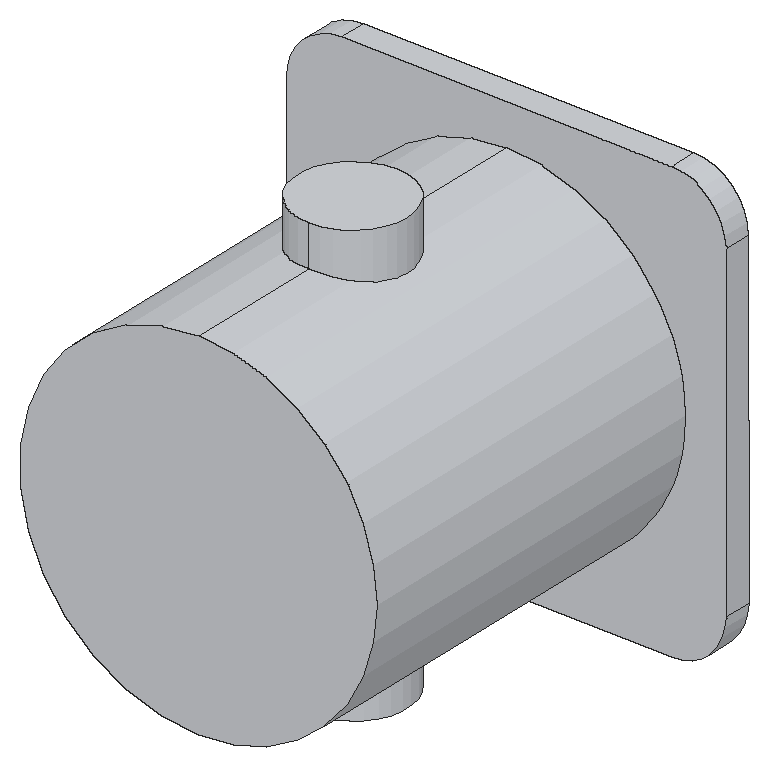
Revit family "EI_E_Anschluss_V1700", category Elektroinstallationen, Revit 2017
Family settings
  Beschriftungsausrichtung beibehalten = Nein
  Bemaßung runder Anschluss = Durchmesser verwenden
  Teiletyp = Normal
  OmniClass-Nummer = 23.80.50.14
  OmniClass-Titel = Plug Connectors
  Arbeitsebenenbasiert = Nein
  Immer vertikal = Ja
  Beim Laden mit Abzugskörper schneiden = Ja
  Gemeinsam genutzt = Nein
  Raumberechnungspunkt = Nein
Parameters (values of type "Geraeteanschluss_400V_INSTA")
  pbr_Material_KZ = ""
  pbr_Material = none
  pbr_E_Typ = ""
  pbr_E_KZ = ""
  pbr_DINBild = 0
  pbr_Bild = 0
  pbr_3Dx_Delta_Korrekturversatz [instance] = 0 mm
  pbr_3DX_Versatzfaktor [instance] = 0
  pbr_2DY_Versatzfaktor [instance] = 0
  pbr_2DX_Versatzfaktor [instance] = 0
  cpiFitMatchKey [instance] = "E-EA A400V"
  Zentrale [instance] = ""
  Wirkleistung [instance] = 0 W
  Winkel [instance] = 90.00°
  Typ [instance] = ""
  Text3 [instance] = ""
  Text2 [instance] = ""
  Text1 [instance] = ""
  Steckdosen mit Abdeckung für Reinigungszapfstelle = no
  Spannung [instance] = 0
  Scheinleistung [instance] = 0 VA
  Schaltgruppe2 [instance] = 0
  Schaltgruppe1 [instance] = 0
  Polig [instance] = 1
  Planungsbüro Rohling = "www.pbr.de"
  Nennstrom [instance] = 0
  Menge(Dosenzahl) [instance] = 0
  Linie/Anschluss [instance] = ""
  Leistungsfaktor [instance] = 0
  Lastklassifizierung = none
  Installationsart [instance] = ""
  Info [instance] = ""
  Gleichzeitigkeitsfaktor3 [instance] = 0
  Gleichzeitigkeitsfaktor2 [instance] = 0
  Gleichzeitigkeitsfaktor1 [instance] = 0
  Gewerk [instance] = "Steck"
  E-400 INSTA = yes
  E-230V Insta = no
  E 230V KAS = no
  Eckversatz [instance] = 0 mm
  YFrontversatz [instance] = if(pbr_2DY_Versatzfaktor = 300, 0 mm, pbr_2DY_Versatzfaktor * 300 mm)  # 0 mm
  XSeitenversatz [instance] = if(pbr_2DX_Versatzfaktor = 0, 3000 mm, 3000 mm + (pbr_2DX_Versatzfaktor * 300 mm)) + Eckversatz  # 3000 mm
  X3Dversatz [instance] = if([3DX_Versatzkontrolle] = 0, 2000 mm, 2000 mm + ([3DX_Versatzkontrolle] * (300 mm - 80 mm))) + pbr_3Dx_Delta_Korrekturversatz  # 2000 mm
  Steckdosenradius = 20 mm
  R_Leerrohranschluss = 10 mm
  Niveau [instance] = 300 mm
  Dosentiefe = 70 mm  # constant formula
  Dosenradius = 65 mm / 2  # 32.5 mm
  D_Leerrohranschluss = 2 * R_Leerrohranschluss  # 20 mm
  Breite [instance] = 80 mm
  Anlaufstrom [instance] = 0
  3DX_Versatzkontrolle [instance] = if(pbr_3DX_Versatzfaktor = 0, (pbr_2DX_Versatzfaktor * -1), (((-1 * pbr_3DX_Versatzfaktor) + pbr_2DX_Versatzfaktor) * -1))  # 0
  Platzierrahmen [instance] = no
Types (5, lengths in mm): name | cpiFitMatchKey | Winkel | Steckdosen mit Abdeckung für Reinigungszapfstelle | Gewerk | E-400 INSTA | E-230V Insta | E 230V KAS
  Geraeteanschluss_400V_INSTA | "E-EA A400V" | 90.00° | no | "Steck" | yes | no | no
  Geraeteanschluss_230V_INSTA | "E_EA A230V" | 90.00° | no | "Steck" | no | yes | no
  Geraeteanschluss_230_KAS | "E_EA A230V" | 90.00° | no | "KAS" | no | no | yes
  Geraeteanschluss_230_VMT | "E_EA A230V" | 90.00° | no | "VMT" | no | no | yes
  ES_Steckdose_ Reinigung | "E_EA A230V" | 0.00° | yes | "Steck" | no | no | no
Reference planes
  plane 1 "Mitte (Vorne/Hinten)": y = 0
  plane 2: z = 0
  plane 3 "Mitte (Links/Rechts)": x = 0
  plane 4: x = -125
  plane 5: x = 125
  plane 6: y = 300
  plane 7 "Schalterhinten": y = 0
  plane 8: x = -3000
  plane 9: x = 0
  plane 10: x = -40
  plane 11: x = 40
  plane 12: z = 340
  plane 13: z = 260
  plane 14 "SchalterVorne": y = 5
  plane 15 "3DSchalterMitte": x = 0
  plane 16: z = 300
  plane 17: y = -70
  plane 18: y = -35
  plane 19 "Mitte 2D Symbol": y = 150
Forms (mm)
  Extrusion 1, solid
    sketch origin (0, 20, 0) x (0, 0, 1) y (-1, 0, 0)
      loop
        line (260, 30) -> (260, -30)
        arc (260, -30) -> (262.929, -37.071) -> (270, -40) r 10
        line (270, -40) -> (330, -40)
        arc (330, -40) -> (337.071, -37.071) -> (340, -30) r 10
        line (340, -30) -> (340, 30)
        arc (340, 30) -> (337.071, 37.071) -> (330, 40) r 10
        line (330, 40) -> (270, 40)
        arc (270, 40) -> (262.929, 37.071) -> (260, 30) r 10
    from 15 to 20
  Sweep 2, solid
    path origin (0, 0, 0) x (0, 0, 1) y (0, -1, 0)
      loop
        line (300, 0) -> (300, 70)
    profile origin (0, -35, 300) x (0, 0, -1) y (1, 0, 0)
      loop
        circle (0, 0) r 32.5
  Sweep 3, solid
    path origin (0, 0, 0) x (0, 0, 1) y (0, -1, 0)
      loop
        line (260, 35) -> (340, 35)
    profile origin (0, -35, 300) x (0, -1, 0) y (1, 0, 0)
      loop
        circle (0, 0) r 10
  Sweep 4, void
    path origin (0, 0, 0) x (1, 0, 0) y (0, 1, 0)
      loop
        line (0, 0) -> (0, 5)
    profile origin (0, 2.5, 0) x (-1, 0, 0) y (0, 0, 1)
      loop
        circle (0, 300) r 20
Cuts and joins
  Sweep 4 cuts Extrusion 1
  joined: Extrusion 1, Sweep 2, Sweep 3
Lines and regions (mm)
  model lines, visible <- "Platzierrahmen"
    curve 1: line (-125, 0, 0) -> (125, 0, 0)
    curve 2: line (-125, 300, 0) -> (-125, 0, 0)
    curve 3: line (125, 300, 0) -> (-125, 300, 0)
    curve 4: line (125, 0, 0) -> (125, 300, 0)
Dimensions and locks
  plane 4 to plane 5 = 250 mm
  plane 6 to plane 7 "Schalterhinten" = 300 mm
  equal spacing: plane 4, plane 9, plane 5, locked at 125 each
  "XSeitenversatz": plane 8 to plane 9
  plane 8 to plane 3 "Mitte (Links/Rechts)" = 3000 mm
  "YFrontversatz": plane 1 "Mitte (Vorne/Hinten)" to plane 7 "Schalterhinten"
  plane 11 to plane 10 = 80 mm
  plane 12 to plane 13 = 80 mm
  equal spacing: plane 11, plane 15 "3DSchalterMitte", plane 10
  equal spacing: plane 12, plane 16, plane 13
  "Niveau": plane 16 to level
  "Dosentiefe": plane 1 "Mitte (Vorne/Hinten)" to plane 17
  plane 14 "SchalterVorne" to plane 1 "Mitte (Vorne/Hinten)" = 5 mm
  equal spacing: plane 17, plane 18, plane 1 "Mitte (Vorne/Hinten)"
  plane 12 to Sweep 4 sketch curve = 40 mm
  equal spacing: plane 6, plane 19 "Mitte 2D Symbol", plane 7 "Schalterhinten"
  "Breite": plane 11 to plane 10
  "Dosenradius": radius of Sweep 2 sketch curve
  "R_Leerrohranschluss": radius of Sweep 3 sketch curve
  "Steckdosenradius": radius of Sweep 4 sketch curve
  aligned and locked: level to plane 2
  aligned and locked: curve 1 to plane 7 "Schalterhinten"
  aligned and locked: curve 2 to plane 4
  aligned and locked: curve 3 to plane 6
  aligned and locked: plane 5 to curve 4
  aligned and locked: plane 13 to Extrusion 1 sketch curve
  aligned and locked: Extrusion 1 sketch curve to plane 10
  aligned and locked: Extrusion 1 sketch curve to plane 12
  aligned and locked: plane 11 to Extrusion 1 sketch curve
  aligned and locked: plane 1 "Mitte (Vorne/Hinten)" to Extrusion 1
  aligned and locked: Extrusion 1 to plane 14 "SchalterVorne"
  aligned and locked: plane 15 "3DSchalterMitte" to Sweep 4 sketch curve
  aligned and locked: Sweep 4 sketch curve to cut or joined group of Extrusion 1, Sweep 2, Sweep 3, Sweep 4
  aligned and locked: nested 1 to plane 9
  aligned and locked: nested 1 to plane 7 "Schalterhinten"
  aligned and locked: nested 2 to plane 9
  aligned and locked: nested 2 to plane 7 "Schalterhinten"
  aligned and locked: nested 3 to plane 9
  aligned and locked: nested 3 to plane 7 "Schalterhinten"
  aligned and locked: nested 4 to plane 9
  aligned and locked: nested 4 to plane 7 "Schalterhinten"
Automatic sketch dimensions
  Sweep 3 sketch curve to plane 13 = 0 mm
  plane 12 to Sweep 3 sketch curve = 0 mm
  Sweep 3 sketch curve to plane 18 = 0 mm
  Sweep 3 sketch curve to plane 15 "3DSchalterMitte" = 0 mm
  Sweep 3 sketch curve to profile plane = 0 mm
  Sweep 2 sketch curve to plane 16 = 0 mm
  Sweep 2 sketch curve to plane 1 "Mitte (Vorne/Hinten)" = 0 mm
  Sweep 2 sketch curve to plane 17 = 0 mm
  Sweep 2 sketch curve to plane 15 "3DSchalterMitte" = 0 mm
  Sweep 2 sketch curve to profile plane = 0 mm
  plane 1 "Mitte (Vorne/Hinten)" to Sweep 4 sketch curve = 0 mm
  Extrusion 1 sketch curve to Extrusion 1 sketch curve = 10 mm  (x4)
  Sweep 4 sketch curve to profile plane = 0 mm
Nested families
  nested 1: "E-230V-INSTA" at (0, 264, 0), visible <- "E-230V Insta", Winkel <- "Winkel", type "E-230V-INSTA"
    with Winkel 90.00°
  nested 2: "E-230V-KAS" at (0, 264, 0), visible <- "E 230V KAS", Winkel <- "Winkel", type "E-230V-KAS"
    with Winkel 90.00°
  nested 3: "Steckdose n mit Abdeckung für Reinigungszapfstelle" at (0, 0, 0), visible <- "Steckdosen mit Abdeckung für Reinigungszapfstelle", type "Steckdose n mit Abdeckung für Reinigungszapfstelle"
  nested 4: "E-400V-INSTA" at (0, 264, 0), visible <- "E-400 INSTA", Winkel <- "Winkel", type "E-400V-INSTA"
    with Winkel 90.00°
Connectors
  electrical at (0, -35, 340)
    settings: on cut or joined group of Extrusion 1, Sweep 2, Sweep 3, Sweep 4, index 1, voltage 230 V, apparent load 0 VA, apparent load phase1 200 VA, apparent load phase2 0 VA, apparent load phase3 0 VA, power factor 1, load classification "Steckdose", number of poles 1, system type 31, power factor state 1, is connector primary yes, connector utility no, sub classification motor no, connector description ""
  cabletrayconduit at (0, -35, 340), diameter 20, driven by "D_Leerrohranschluss"
    settings: on cut or joined group of Extrusion 1, Sweep 2, Sweep 3, Sweep 4, index 2, connector width 300 mm, connector height 300 mm, connector angle 0.00°, system type 32, placement type 0, profile type 0, connector reference index -1, is primary connector yes, connector utility param no, connector description ""
  cabletrayconduit at (0, -35, 260), diameter 20, driven by "D_Leerrohranschluss"
    settings: on cut or joined group of Extrusion 1, Sweep 2, Sweep 3, Sweep 4, index 3, connector width 300 mm, connector height 300 mm, connector angle 0.00°, system type 32, placement type 0, profile type 0, connector reference index -1, is primary connector no, connector utility param no, connector description ""
Definition of nested family "E-230V-INSTA"
  Parameters (values of type "E-230V-INSTA")
    Winkel [instance] = 90.00°
    Geräteanschluss = yes
    E = yes
  Reference planes
    plane 1 "Mitte (Vorne/Hinten)": y = 0
    plane 2: z = 0
    plane 3 "Mitte (Links/Rechts)": x = 0
    plane 4: x = 0
    plane 5: y = 0
  Lines and regions (mm)
    Filled region 1, type "Beton", in view "Referenzebene", visible <- "E"
      outline origin (1334.081, -1158.876, 0) x (1, 0, 0) y (0, 1, 0)
        loop
          line (-1402.305, 1120.011) -> (-1402.305, 942.626) -> (-1269.848, 942.626) -> (-1269.848, 963.574) -> (-1378.784, 963.574) -> (-1378.784, 1024.011) -> (-1280.634, 1024.011) -> (-1280.634, 1044.776) -> (-1378.784, 1044.776) -> (-1378.784, 1099.148) -> (-1273.998, 1099.148) -> (-1273.998, 1120.011) -> (-1402.305, 1120.011)
    detail lines, in view "Referenzebene", visible <- "Geräteanschluss"
      curve 1: line (-132, 0, 0) -> (132, 0, 0)
      curve 2: line (-132, -264, 0) -> (-132, 0, 0)
      curve 3: line (132, -264, 0) -> (-132, -264, 0)
      curve 4: line (132, 0, 0) -> (132, -264, 0)
Definition of nested family "E-230V-KAS"
  Parameters (values of type "E-230V-KAS")
    Winkel [instance] = 90.00°
    Geräteanschluss = yes
    E = yes
  Reference planes
    plane 1 "Mitte (Vorne/Hinten)": y = 0
    plane 2: z = 0
    plane 3 "Mitte (Links/Rechts)": x = 0
    plane 4: x = 0
    plane 5: y = 0
  Lines and regions (mm)
    Filled region 1, type "Beton", in view "Referenzebene", visible <- "E"
      outline origin (1334.081, -1155.626, 0) x (1, 0, 0) y (0, 1, 0)
        loop
          line (-1402.305, 1120.011) -> (-1402.305, 942.626) -> (-1269.848, 942.626) -> (-1269.848, 963.574) -> (-1378.784, 963.574) -> (-1378.784, 1024.011) -> (-1280.634, 1024.011) -> (-1280.634, 1044.776) -> (-1378.784, 1044.776) -> (-1378.784, 1099.148) -> (-1273.998, 1099.148) -> (-1273.998, 1120.011) -> (-1402.305, 1120.011)
    detail lines, in view "Referenzebene", visible <- "Geräteanschluss"
      curve 1: line (-132, 0, 0) -> (132, 0, 0)
      curve 2: line (-132, -264, 0) -> (-132, 0, 0)
      curve 3: line (132, -264, 0) -> (-132, -264, 0)
      curve 4: line (132, 0, 0) -> (132, -264, 0)
Definition of nested family "Steckdose n mit Abdeckung für Reinigungszapfstelle"
  Reference planes
    plane 1 "Mitte (Vorne/Hinten)": y = 0
    plane 2: z = 0
    plane 3 "Mitte (Links/Rechts)": x = 0
  Lines and regions (mm)
    detail lines, in view "Referenzebene"
      curve 1: line (-153.627, 72.585, 0) -> (-50.901, 126.967, 0)
      curve 2: line (-153.627, 101.445, 0) -> (-53.036, 154.696, 0)
      curve 3: line (-153.627, 43.183, 0) -> (-50.901, 97.565, 0)
      curve 4: arc (43.006, 305.353, 0) -> (151.006, 187.265, 0) -> (259.006, 305.353, 0) r 108.431
      curve 5: arc (-224.764, 309.776, 0) -> (-102.264, 187.276, 0) -> (20.236, 309.776, 0) r 122.5
      curve 6: line (149.483, 187.276, 0) -> (149.483, 5.353, 0)
      curve 7: line (41.483, 187.276, 0) -> (257.483, 187.276, 0)
      curve 8: line (-102.264, 187.276, 0) -> (-102.264, 12.276, 0)
      curve 9: line (20.236, 187.276, 0) -> (-224.764, 187.276, 0)
      curve 10: line (283.189, 0, 0) -> (-249.142, 0, 0)
      curve 11: line (-249.142, 0, 0) -> (-249.142, 317.585, 0)
      curve 12: line (-249.142, 317.585, 0) -> (283.189, 317.585, 0)
      curve 13: line (283.189, 317.585, 0) -> (283.189, 0, 0)
Definition of nested family "E-400V-INSTA"
  Parameters (values of type "E-400V-INSTA")
    Winkel [instance] = 90.00°
    Geräteanschluss = yes
    E = yes
    3 = yes
  Reference planes
    plane 1 "Mitte (Vorne/Hinten)": y = 0
    plane 2: z = 0
    plane 3 "Mitte (Links/Rechts)": x = 0
    plane 4: x = 0
    plane 5: y = 0
  Lines and regions (mm)
    Filled region 1, type "Beton", in view "Referenzebene", visible <- "E"
      outline origin (1279.221, -1158.198, 0) x (1, 0, 0) y (0, 1, 0)
        loop
          line (-1402.305, 1120.011) -> (-1402.305, 942.626) -> (-1269.848, 942.626) -> (-1269.848, 963.574) -> (-1378.784, 963.574) -> (-1378.784, 1024.011) -> (-1280.634, 1024.011) -> (-1280.634, 1044.776) -> (-1378.784, 1044.776) -> (-1378.784, 1099.148) -> (-1273.998, 1099.148) -> (-1273.998, 1120.011) -> (-1402.305, 1120.011)
    Filled region 2, type "Beton", in view "Referenzebene", visible <- "3"
      outline origin (397.914, -777.811, 0) x (1, 0, 0) y (0, 1, 0)
        loop
          line (-367.034, 690.667) -> (-366.376, 694.302)
          spline (-366.376, 694.302) -> (-359.513, 710.921) -> (-351.166, 718.436) -> (-340.289, 722.318) -> (-328.597, 722.189) -> (-317.801, 717.981) -> (-309.306, 708.911) -> (-306.257, 699.111) -> (-306.905, 686.508) -> (-312.118, 676.792) -> (-322.311, 669.638) -> (-332.529, 666.267) -> (-345.65, 665.525)
          line (-345.65, 665.525) -> (-348.199, 644.766)
          spline (-348.199, 644.766) -> (-331.871, 646.968) -> (-317.283, 643.224) -> (-307.034, 634.621) -> (-301.744, 622.512) -> (-301.132, 608.176) -> (-305.977, 595.499) -> (-314.621, 585.902) -> (-327.619, 580.065) -> (-341.817, 580.037) -> (-353.437, 584.837) -> (-362.188, 594.797) -> (-368.312, 612.345)
          line (-368.312, 612.345) -> (-390.886, 609.172)
          spline (-390.886, 609.172) -> (-382.794, 584.335) -> (-366.983, 568.205) -> (-353.592, 562.011) -> (-335.066, 559.298) -> (-317.428, 561.266) -> (-301.412, 568.044) -> (-286.116, 581.614) -> (-277.776, 596.748) -> (-274.826, 615.281) -> (-277.629, 632.588) -> (-288.138, 648.515) -> (-305.499, 657.924)
          line (-305.499, 657.924) -> (-307.998, 658.547)
          spline (-307.998, 658.547) -> (-293.295, 668.849) -> (-285.131, 683.103) -> (-283.76, 699.532) -> (-288.056, 713.858) -> (-298.315, 727.386) -> (-311.481, 735.63) -> (-327.33, 740.028) -> (-343.273, 740.071) -> (-358.768, 735.863) -> (-372.449, 726.929) -> (-381.996, 714.371) -> (-388.826, 694.612)
          line (-388.826, 694.612) -> (-367.034, 690.667)
    detail lines, in view "Referenzebene", visible <- "Geräteanschluss"
      curve 1: line (-132, 0, 0) -> (132, 0, 0)
      curve 2: line (-132, -264, 0) -> (-132, 0, 0)
      curve 3: line (132, -264, 0) -> (-132, -264, 0)
      curve 4: line (132, 0, 0) -> (132, -264, 0)
